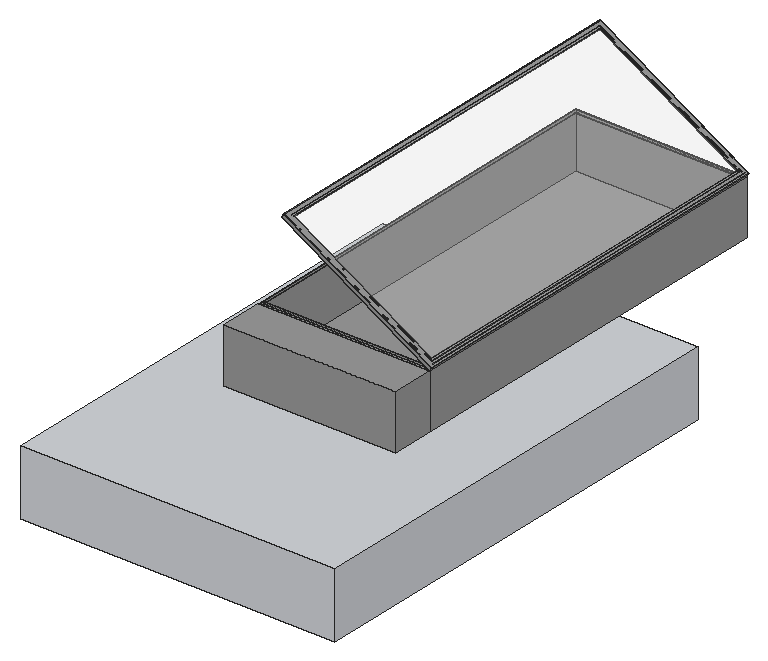
Revit family "Hager-Univers-IP55-D275-H2050-Cl.I-Steel_encl-PL-en", category Equipement électrique, Revit 2020
Family settings
  Hôte = Face
  Configuration du panneau = Deux colonnes, circuits au sein
  Cote de connecteur circulaire = Utiliser le diamètre
  Type d'élément = Tableau de raccordement
  Couper avec des vides une fois chargée = Non
  Partagée = Non
  Point de calcul de pièce = Non
Parameters (values of type "Floor installation IP55 W800 H2050 D275  - FR23K2")
  Width Control [instance] = if([EF000008 - Width] > Min Width, [EF000008 - Width], Min Width)  # 800 mm
  Commentaires du type = [HG000003 - Range]  # "Univers"
  Thickness Door [instance] = if([EF009171 - Material plate thickness door/cover] > 3 mm, 3 mm, [EF009171 - Material plate thickness door/cover])  # 1.5 mm
  Seal Frame Offset [instance] = 17 mm  # constant formula
  Plinth Visibility [instance] = [HG000027 - Plinth height] > 0 mm  # yes
  Model = ""
  Min Width [instance] = 100 mm  # constant formula
  Min Height [instance] = 100 mm  # constant formula
  Min Depth [instance] = (2 * [EF009170 - Material plate thickness cabinet]) + 1 mm  # 4 mm
  Internal Frame Depth [instance] = (Door System Depth * 0.5)  # 9 mm
  Height Control [instance] = if([EF000040 - Height] > Min Height, [EF000040 - Height], Min Height)  # 2050 mm
  HG000027 - Plinth height = 200 mm
  HG000026 - Floor standing = yes
  HG000024 - Bottom section height = 800 mm
  HG000023 - Double section enclosure = no
  HG000016 - Door 3d visibility [instance] = yes
  HG000015 - Clearance visibility [instance] = no
  HG000014 - Door on the right [instance] = yes
  HG000013 - Door on the left [instance] = not([HG000014 - Door on the right])  # no
  HG000012 - Door swing angle [instance] = 30.00°
  HG000010 - Asymmetric doors = no
  HG000009 - Double swing door = no
  HG000006 - Flush mounted = no
  HG000004 - Manufacturer reference = "FR23K2"
  HG000003 - Range = "Univers"
  HG000002 - With door or cover = yes
  Frame Offset Bottom [instance] = 10 mm  # constant formula
  Frame Offset [instance] = 15 mm  # constant formula
  EF015940 - Cover with overpressure release = no
  EF011959 - Degree of protection (NEMA) = ""
  EF009554 - Number of openings for flange plates = 6
  EF009212 - Cover model = "EV000116 - Closed"
  EF009171 - Material plate thickness door/cover = 1.5 mm
  EF009170 - Material plate thickness cabinet = 1.5 mm
  Fabricant = "Hager"  # constant formula
  EF008873 - Nominal current (In) = 800 A
  EF007800 - Suitable for lightning protection = no
  EF006306 - With lock = no
  EF006244 - Transparent cover/door = yes
  EF005474 - Degree of protection (IP) = "EV006420 - IP55"
  EF004464 - Type of door = "EV002646 - Single"
  EF004427 - Number of modules = 432
  EF004293 - Impact strength = "EV008784 - IK10"
  EF003532 - Suitable for outdoor use = no
  EF002950 - Width in number of modular spacings = 24
  EF001613 - Circuit integrity = "EV000494 - None"
  EF001596 - Material housing = "EV000179 - Steel"
  EF001131 - Internal depth = 275 mm
  EF001088 - Extension possible = yes
  EF000437 - Number of conduit inlets = 6
  EF000339 - Type of cover = "EV004216 - Door"
  EF000266 - Number of rows = 12
  EF000218 - Built-in depth = 0 mm
  EF000118 - With mounting plate = no
  EF000116 - RAL-number = "7035"
  EF000049 - Depth = 275 mm
  EF000040 - Height = 2050 mm
  EF000008 - Width = 800 mm
  EF000007 - Colour = "EV000270 - Grey"
  EF000003 - Mounting method = "EV012274 - Floor installation"
  Door System Leaf Tolerance [instance] = 1.5 mm  # constant formula
  Door System Depth [instance] = 18 mm  # constant formula
  Door Height [instance] = Height Control - [HG000027 - Plinth height]  # 1850 mm
  Depth Control [instance] = if([EF000049 - Depth] > Min Depth, [EF000049 - Depth], Min Depth)  # 275 mm
  Default Elevation = 0 mm
  Connector Offset [instance] = Height Control / 2  # 1025 mm
  Bottom Top Plate Trim [instance] = 1.5 mm  # constant formula
  Plinth height Ctrl [instance] = if([HG000027 - Plinth height] > 0 mm, [HG000027 - Plinth height], 12 mm)  # 200 mm
Types (11, lengths in mm): name | Width Control | HG000010 - Asymmetric doors | HG000009 - Double swing door | HG000004 - Manufacturer reference | EF009554 - Number of openings for flange plates | EF006244 - Transparent cover/door | EF004464 - Type of door | EF004427 - Number of modules | EF000437 - Number of conduit inlets | EF000008 - Width
  Floor installation IP55 W1050 H2050 D275  - FR24E2 | 1050 | yes | yes | "FR24E2" | 8 | no | "EV003602 - Double" | 576 | 8 | 1050
  Floor installation IP55 W1050 H2050 D275  - FR24K2 | 1050 | yes | yes | "FR24K2" | 8 | yes | "EV003602 - Double" | 576 | 8 | 1050
  Floor installation IP55 W1300 H2050 D275  - FR25E2 | 1300 | yes | yes | "FR25E2" | 10 | no | "EV003602 - Double" | 720 | 10 | 1300
  Floor installation IP55 W1300 H2050 D275  - FR25K2 | 1300 | yes | yes | "FR25K2" | 10 | yes | "EV003602 - Double" | 720 | 10 | 1300
  Floor installation IP55 W1550 H2050 D275  - FR26E2 | 1550 | yes | yes | "FR26E2" | 12 | no | "EV003602 - Double" | 864 | 12 | 1550
  Floor installation IP55 W1550 H2050 D275  - FR26K2 | 1550 | yes | yes | "FR26K2" | 12 | yes | "EV003602 - Double" | 864 | 12 | 1550
  Floor installation IP55 W300 H2050 D275  - FR21E2 | 300 | no | no | "FR21E2" | 2 | no | "EV002646 - Single" | 144 | 2 | 300
  Floor installation IP55 W550 H2050 D275  - FR22E2 | 550 | no | no | "FR22E2" | 4 | no | "EV002646 - Single" | 288 | 4 | 550
  Floor installation IP55 W550 H2050 D275  - FR22K2 | 550 | no | no | "FR22K2" | 4 | yes | "EV002646 - Single" | 288 | 4 | 550
  Floor installation IP55 W800 H2050 D275  - FR23E2 | 800 | no | no | "FR23E2" | 6 | no | "EV002646 - Single" | 432 | 6 | 800
  Floor installation IP55 W800 H2050 D275  - FR23K2 | 800 | no | no | "FR23K2" | 6 | yes | "EV002646 - Single" | 432 | 6 | 800
Reference planes
  plane 1 "Center (Front/Back)": y = 0
  plane 2: z = 0
  plane 3 "Center (Left/Right)": x = 0
  plane 4: z = 275
  plane 5: y = 201.5
  plane 6: y = 1125
  plane 7: y = 200
  plane 8: y = 2050
  plane 9: z = 0
  plane 10: x = -385
  plane 11: x = 385
  plane 12: x = 383.5
  plane 13: x = -383.5
  plane 14: y = 2048.5
  plane 15: x = -383
  plane 16: x = -400
  plane 17: x = 383
  plane 18: x = 400
  plane 19: x = 398.5
  plane 20: x = -398.5
  plane 21: y = 211.5
  plane 22: y = 2050
  plane 23: y = 2033.5
  plane 24: z = 257
  plane 25: z = 1.5
  plane 26: z = 255.5
  plane 27: z = 273.5
Forms (mm)
  Extrusion 1, solid
    sketch origin (0, 0, 0) x (1, 0, 0) y (0, 1, 0)
      loop
        line (-702.964, 1305) -> (-702.964, -811.445) -> (766.763, -811.445) -> (766.763, 1305) -> (-702.964, 1305)
    from 0 to -304.8
  Extrusion 2, solid, material "Hager_Steel_RAL7035_Light_Grey", visible <- "Plinth Visibility", detail levels medium+fine
    sketch origin (0, 0, 0) x (1, 0, 0) y (0, 1, 0)
      loop
        line (-400, 0) -> (400, 0) -> (400, 200) -> (-400, 200) -> (-400, 0)
    from 0 to 257
  Extrusion 3, solid, material "Hager_Steel_RAL7035_Light_Grey", detail levels medium+fine
    sketch origin (0, 0, 0) x (1, 0, 0) y (0, 1, 0)
      loop
        line (-400, 200) -> (400, 200) -> (400, 2050) -> (-400, 2050) -> (-400, 200)
    from 0 to 257
  Extrusion 4, void
    sketch origin (0, 0, 0) x (1, 0, 0) y (0, 1, 0)
      loop
        line (-398.5, 201.5) -> (398.5, 201.5) -> (398.5, 2048.5) -> (-398.5, 2048.5) -> (-398.5, 201.5)
    from 1.5 to 255.5
  Extrusion 5, void
    sketch origin (-381.607, -4572, 257) x (0, -1, 0) y (-1, 0, 0)
      loop
        line (-4783.5, 1.893) -> (-6605.5, 1.893) -> (-6605.5, -765.107) -> (-4783.5, -765.107) -> (-4783.5, 1.893)
    from 0 to 1.5 <- "EF009170 - Material plate thickness cabinet"
  Extrusion 6, solid, material "Hager_Steel_RAL7035_Light_Grey", detail levels fine
    sketch origin (0, 0, 257) x (1, 0, 0) y (0, 1, 0)
      loop
        line (-383.5, 2033.5) -> (-383.5, 211.5) -> (383.5, 211.5) -> (383.5, 2033.5) -> (-383.5, 2033.5)
      loop
        line (-385, 210) -> (385, 210) -> (385, 2035) -> (-385, 2035) -> (-385, 210)
    from 0 to 9 <- "Internal Frame Depth"
  Extrusion 7, solid, material "Hager_Steel_RAL7035_Light_Grey", detail levels coarse
    sketch origin (0, 0, 0) x (1, 0, 0) y (0, 1, 0)
      loop
        line (-400, 0) -> (400, 0) -> (400, 2050) -> (-400, 2050) -> (-400, 0)
    from 0 to 275
  Sweep 8, void
    path in 3D
      loop
        line (-400, 200, 0) -> (400, 200, 0) -> (400, 200, 257) -> (-400, 200, 257) -> (-400, 200, 0)
    profile origin (-400, 200, 128.5) x (-1, 0, 0) y (0, -1, 0)
      loop
        line (0, 0) -> (0, 1.5) -> (-1.5, 1.5)
        arc (-1.5, 1.5) -> (-1.061, 0.439) -> (0, 0) r 1.5
Cuts and joins
  Extrusion 4, Extrusion 5 cuts Extrusion 3
  Sweep 8 cuts Extrusion 2
Lines and regions (mm)
  Masking region 1
    outline origin (0, 0, 0) x (1, 0, 0) y (0, 0, 1)
      loop
        line (-400, 275) -> (-400, 0) -> (400, 0) -> (400, 275) -> (-400, 275)
  Masking region 2, detail levels medium+fine
    outline origin (0, 140, 0) x (0, 1, 0) y (0, 0, 1)
      loop
        line (60, 0) -> (1910, 0) -> (1910, 257) -> (60, 257) -> (60, 0)
  Masking region 3, not visible, detail levels medium+fine
    outline origin (0, 297.922, 0) x (0, 1, 0) y (0, 0, 1)
      loop
        line (838.578, 0) -> (878.578, 0) -> (878.578, 263.5)
        arc (878.578, 263.5) -> (875.649, 270.571) -> (868.578, 273.5) r 10
        line (868.578, 273.5) -> (838.578, 273.5) -> (838.578, 0)
  Masking region 4, detail levels coarse
    outline origin (0, 0, 180) x (0, 1, 0) y (0, 0, 1)
      loop
        line (0, -180) -> (2050, -180) -> (2050, 95) -> (0, 95) -> (0, -180)
  Masking region 5, visible <- "Plinth Visibility", detail levels medium+fine
    outline origin (0, 52.24, 12.345) x (0, 0, -1) y (0, 1, 0)
      loop
        line (10.845, 147.76) -> (-243.155, 147.76)
        arc (-243.155, 147.76) -> (-243.594, 146.699) -> (-244.655, 146.26) r 1.5
        line (-244.655, 146.26) -> (-244.655, -52.24) -> (12.345, -52.24) -> (12.345, 146.26)
        arc (12.345, 146.26) -> (11.285, 146.699) -> (10.845, 147.76) r 1.5
  Masking region 6, detail levels medium+fine
    outline origin (-381.607, -4572, 257) x (-1, 0, 0) y (0, -1, 0)
      loop
        line (18.393, -6622) -> (18.393, -4772) -> (-781.607, -4772) -> (-781.607, -6622) -> (18.393, -6622)
  Masking region 7, visible <- "Plinth Visibility", detail levels medium+fine
    outline origin (-381.607, -4727, 257) x (-1, 0, 0) y (0, -1, 0)
      loop
        arc (16.893, -4927) -> (17.332, -4925.939) -> (18.393, -4925.5) r 1.5
        line (18.393, -4925.5) -> (18.393, -4727) -> (-781.607, -4727) -> (-781.607, -4925.5)
        arc (-781.607, -4925.5) -> (-780.546, -4925.939) -> (-780.107, -4927) r 1.5
        line (-780.107, -4927) -> (16.893, -4927)
  Masking region 8, detail levels coarse
    outline origin (-442.548, -4669.526, 257) x (-1, 0, 0) y (0, -1, 0)
      loop
        line (-42.548, -6719.526) -> (-42.548, -4669.526) -> (-842.548, -4669.526) -> (-842.548, -6719.526) -> (-42.548, -6719.526)
  sketch lines
    curve 1: line (-400, 200, 257) -> (-400, 200, 0)
    curve 2: line (400, 200, 257) -> (-400, 200, 257)
    curve 3: line (400, 200, 257) -> (400, 200, 0)
    curve 4: line (-400, 200, 0) -> (400, 200, 0)
Dimensions and locks
  "Depth Control": plane 4 to Extrusion 1
  "HG000027 - Plinth height": plane 1 "Center (Front/Back)" to plane 7
  "EF009170 - Material plate thickness cabinet": plane 5 to plane 7
  locked: connector elem to plane 3 "Center (Left/Right)"
  equal spacing: plane 8, plane 6, plane 7
  locked: connector elem to plane 6
  "EF009170 - Material plate thickness cabinet": plane 8 to plane 14
  "EF009170 - Material plate thickness cabinet": plane 10 to plane 13
  "EF009170 - Material plate thickness cabinet": plane 12 to plane 11
  "Frame Offset": plane 20 to plane 13
  "Frame Offset": plane 12 to plane 19
  "EF009170 - Material plate thickness cabinet": plane 16 to plane 20
  "EF009170 - Material plate thickness cabinet": plane 19 to plane 18
  "Seal Frame Offset": plane 16 to plane 15
  "Seal Frame Offset": plane 17 to plane 18
  "Frame Offset Bottom": plane 21 to plane 5
  "Frame Offset": plane 14 to plane 23
  equal spacing: plane 16, plane 3 "Center (Left/Right)", plane 18
  "Width Control": plane 16 to plane 18
  "EF009170 - Material plate thickness cabinet": plane 4 to plane 27
  "EF009170 - Material plate thickness cabinet": plane 24 to plane 26
  "EF009170 - Material plate thickness cabinet": plane 25 to level
  "Door System Depth": plane 4 to plane 24
  "Height Control": plane 1 "Center (Front/Back)" to Extrusion 7 sketch curve
  "Height Control": Masking region 4 sketch curve to plane 1 "Center (Front/Back)"
  "Height Control": plane 1 "Center (Front/Back)" to plane 22
  "Bottom Top Plate Trim": profile plane to Sweep 8 sketch curve
  "Bottom Top Plate Trim": Sweep 8 sketch curve to profile plane
  "Plinth height Ctrl": plane 1 "Center (Front/Back)" to Extrusion 2 sketch curve
  "Plinth height Ctrl": Masking region 5 sketch curve to plane 1 "Center (Front/Back)"
  "Plinth height Ctrl": plane 1 "Center (Front/Back)" to Masking region 7 sketch curve
  "Thickness Door": Extrusion 6 sketch curve to Extrusion 6 sketch curve  (x3)
  "Thickness Door": cut or joined group of Extrusion 3, Extrusion 4, Extrusion 5 to Extrusion 6 sketch curve
  radius of Masking region 3 sketch curve = 10 mm
  "Bottom Top Plate Trim": radius of Masking region 5 sketch curve  (x2)
  "Bottom Top Plate Trim": radius of Sweep 8 sketch curve
  "Bottom Top Plate Trim": radius of Masking region 7 sketch curve  (x2)
  aligned and locked: plane 2 to Extrusion 1
  aligned and locked: level to Extrusion 1
  aligned and locked: level to Masking region 1 sketch curve
  aligned and locked: Masking region 1 sketch curve to plane 18
  aligned and locked: Masking region 1 sketch curve to plane 16
  aligned and locked: plane 7 to Masking region 2 sketch curve
  aligned and locked: level to Masking region 3 sketch curve
  aligned and locked: Masking region 3 sketch curve to plane 27
  aligned and locked: level to Masking region 2 sketch curve
  aligned and locked: plane 1 "Center (Front/Back)" to Extrusion 2 sketch curve
  aligned and locked: Extrusion 3 sketch curve to plane 7
  aligned and locked: plane 16 to Extrusion 3 sketch curve
  aligned and locked: plane 18 to Extrusion 3 sketch curve
  aligned and locked: plane 20 to Extrusion 4 sketch curve
  aligned and locked: plane 19 to Extrusion 4 sketch curve
  aligned and locked: Extrusion 4 sketch curve to plane 5
  aligned and locked: Extrusion 4 to plane 25
  aligned and locked: plane 26 to Extrusion 4
  aligned and locked: plane 24 to Extrusion 3
  aligned and locked: Extrusion 5 sketch curve to plane 21
  aligned and locked: Extrusion 5 sketch curve to plane 13
  aligned and locked: Extrusion 5 sketch curve to plane 12
  aligned and locked: plane 18 to Extrusion 7 sketch curve
  aligned and locked: plane 1 "Center (Front/Back)" to Extrusion 7 sketch curve
  aligned and locked: plane 16 to Extrusion 7 sketch curve
  aligned and locked: plane 4 to Extrusion 7
  aligned and locked: Extrusion 7 to level
  aligned and locked: level to Masking region 4 sketch curve
  aligned and locked: Masking region 4 sketch curve to plane 1 "Center (Front/Back)"
  aligned and locked: Masking region 4 sketch curve to plane 4
  aligned and locked: nested 1 to level
  aligned and locked: nested 1 to plane 16
  aligned and locked: plane 8 to Extrusion 3 sketch curve
  aligned and locked: plane 23 to Extrusion 5 sketch curve
  aligned and locked: plane 14 to Extrusion 4 sketch curve
  aligned and locked: Masking region 2 sketch curve to plane 8
  aligned and locked: level to Masking region 5 sketch curve
  aligned and locked: plane 16 to Extrusion 2 sketch curve
  aligned and locked: plane 18 to Extrusion 2 sketch curve
  aligned and locked: Masking region 5 sketch curve to plane 24
  aligned and locked: Masking region 2 sketch curve to plane 24
  aligned and locked: plane 24 to Extrusion 2
  aligned and locked: profile plane to Sweep 8 sketch curve  (x2)
  aligned and locked: Masking region 6 sketch curve to plane 18
  aligned and locked: Masking region 6 sketch curve to plane 22
  aligned and locked: Masking region 6 sketch curve to plane 16
  aligned and locked: plane 8 to plane 22
  aligned and locked: Masking region 6 sketch curve to plane 7
  aligned and locked: Masking region 7 sketch curve to plane 16
  aligned and locked: Masking region 7 sketch curve to plane 1 "Center (Front/Back)"
  aligned and locked: Masking region 7 sketch curve to plane 18
  aligned and locked: Masking region 8 sketch curve to plane 1 "Center (Front/Back)"
  aligned and locked: Masking region 8 sketch curve to plane 18
  aligned and locked: Masking region 8 sketch curve to plane 22
  aligned and locked: Masking region 8 sketch curve to plane 16
  aligned and locked: nested 2 to plane 7
  aligned and locked: plane 3 "Center (Left/Right)" to nested 2
  aligned and locked: nested 2 to plane 24
  aligned and locked: Extrusion 6 sketch curve to cut or joined group of Extrusion 3, Extrusion 4, Extrusion 5  (x4)
Automatic sketch dimensions
  Extrusion 1 sketch curve to Extrusion 1 sketch curve = 1469.727 mm
  Extrusion 1 sketch curve to Extrusion 1 sketch curve = 2116.445 mm
  Masking region 1 sketch curve to plane 4 = 0 mm
  plane 6 to Masking region 3 sketch curve = 11.5 mm
  Masking region 3 sketch curve to Masking region 3 sketch curve = 30 mm
  Masking region 5 sketch curve to plane 1 "Center (Front/Back)" = 0 mm
Nested families
  nested 1: "Hager_Enclosure_Symbol" at (-400, 0, 0) x (1, 0, 0) z (0, -1, 0), Height <- "Depth Control", Width <- "Width Control", type "Hager_Enclosure_Symbol"
    with Width_Ctrl 800 mm, Width 800 mm, Height_Ctrl 275 mm, Height 275 mm, A_Width_Int 18.047 mm, A_Width 216.562 mm, A_Height_Ctrl 240.625 mm, A_Height 240.625 mm
  nested 2: "EC000058_Univers_Door" at (0, 200, 257) x (1, 0, 0) z (0, 1, 0), Leaf_Tolerance <- "Door System Leaf Tolerance", Angle <- "HG000012 - Door swing angle", Door_Depth <- "Door System Depth", Door_Left <- "HG000013 - Door on the left", Transparent <- "EF006244 - Transparent cover/door", Assymetrical <- "HG000010 - Asymmetric doors", Width <- "Width Control", Clearance <- "HG000015 - Clearance visibility", Double <- "HG000009 - Double swing door", 3d_Door <- "HG000016 - Door 3d visibility", Lock_Visibility <- "EF006306 - With lock", Width_Ctrl <- "Width Control", Door_Right <- "HG000014 - Door on the right", Door <- "HG000002 - With door or cover", Height <- "Door Height", Thickness <- "Thickness Door", type "EC000058_Univers_Door", detail levels medium+fine
    with min_wh 4 mm, Width_Ctrl 800 mm, Width 800 mm, Transparent yes, Thickness 1.5 mm, Seal_Material Hager_Rubber, Lock_Visibility no, Lock_Material Hager_Plastic_RAL9005_Jet_Black, Leaf_Width 800 mm, Leaf_Tolerance_External_Sides 0 mm, Leaf_Tolerance 1.5 mm, Leaf_Offset 0 mm, Leaf_Height 1847 mm, Leaf_2_Width 800 mm, Leaf_2_Offset 400 mm, Leaf_1_Width 800 mm, Leaf_1_Offset 400 mm, Height_Ctrl 1850 mm, Height 1850 mm, Glass_Material Hager_Glass, Double_Clearance_Ctrl no, Double no, Door_Right_Ctrl yes, Door_Right yes, Door_Material Hager_Steel_RAL7035_Light_Grey, Door_Left_Ctrl no, Door_Left no, Door_Depth 18 mm, Door yes, Clearance_Material Hager_Clearance, Clearance_Depth 800 mm, Clearance_Ctrl no, Clearance no, Assymetrical no, Angle 30.00°, 3d_Door yes
Connectors
  electrical at (0, 1125, 0)
    settings: on plane 9, index 1, voltage 0 V, apparent load 0 VA, apparent load phase1 0 VA, apparent load phase2 0 VA, apparent load phase3 0 VA, power factor 1, load classification "Other", number of poles 1, system type 30, power factor state 1, is connector primary yes, connector utility no, sub classification motor no, connector description ""
Definition of nested family "EC000058_Univers_Door"
  Parameters (values of type "EC000058_Univers_Door")
    min_wh [instance] = (2 * Thickness) + 1 mm  # 11 mm
    Width_Ctrl [instance] = 400 mm
    Width [instance] = 500 mm
    Transparent [instance] = yes
    Thickness [instance] = 5 mm
    Seal_Material [instance] = none
    Lock_Visibility [instance] = yes
    Lock_Material [instance] = none
    Leaf_Width [instance] = if((Width_Ctrl - 2 * Leaf_Tolerance_External_Sides) > 0 mm, (Width_Ctrl - 2 * Leaf_Tolerance_External_Sides), min_wh)  # 400 mm
    Leaf_Tolerance_External_Sides [instance] = 0 mm  # constant formula
    Leaf_Tolerance [instance] = 1.5 mm
    Leaf_Offset [instance] = 0 mm  # constant formula
    Leaf_Height [instance] = if((Height_Ctrl - 2 * Leaf_Tolerance) > 0 mm, (Height_Ctrl - 2 * Leaf_Tolerance), min_wh)  # 497 mm
    Leaf_2_Width [instance] = if(and(and(Double, Assymetrical), Door_Left), (Leaf_Width / 3) - (Leaf_Tolerance / 2), if(and(and(Double, Assymetrical), Door_Right), (Leaf_Width / 3) * 2 - (Leaf_Tolerance / 2), if(and(Double, not(Assymetrical)), (Leaf_Width / 2) - Leaf_Tolerance, Leaf_Width)))  # 400 mm
    Leaf_2_Offset [instance] = if(and(Double, Assymetrical), Leaf_2_Width / 2, if(and(Double, not(Assymetrical)), Leaf_Width / 4, Leaf_Width / 2))  # 200 mm
    Leaf_1_Width [instance] = if(and(and(Double, Assymetrical), Door_Right), (Leaf_Width / 3) - (Leaf_Tolerance / 2), if(and(and(Double, Assymetrical), Door_Left), (Width / 3) * 2 - (Leaf_Tolerance / 2), if(and(Double, not(Assymetrical)), (Leaf_Width / 2) - Leaf_Tolerance, Leaf_Width)))  # 400 mm
    Leaf_1_Offset [instance] = if(and(Double, Assymetrical), Leaf_1_Width / 2, if(and(Double, not(Assymetrical)), Leaf_Width / 4, Leaf_Width / 2))  # 200 mm
    Height_Ctrl [instance] = if(Height > min_wh, Height, min_wh)  # 500 mm
    Height [instance] = 500 mm
    Glass_Material [instance] = none
    Double_Clearance_Ctrl [instance] = and(Double, Clearance)  # no
    Double [instance] = no
    Door_Right_Ctrl [instance] = and(or(Door_Right, Double), Door)  # yes
    Door_Right [instance] = yes
    Door_Material [instance] = none
    Door_Left_Ctrl [instance] = and(or(Door_Left, Double), Door)  # no
    Door_Left [instance] = no
    Door_Depth [instance] = 30 mm
    Door [instance] = yes
    Default Elevation = 1219.2 mm
    Clearance_Material [instance] = none
    Clearance_Depth [instance] = if(Leaf_1_Width > Leaf_2_Width, Leaf_1_Width, Leaf_2_Width)  # 400 mm
    Clearance_Ctrl [instance] = and(not(Double), Clearance)  # yes
    Clearance [instance] = yes
    Assymetrical [instance] = yes
    Angle [instance] = 30.00°
    3d_Door [instance] = yes
  Reference planes
    plane 1 "Center (Front/Back)": y = 0
    plane 2 "Bottom": z = 0
    plane 3 "Center (Left/Right)": x = 0
    plane 4: z = 500
    plane 5: x = -200
    plane 6: x = 200
    plane 7: z = 500
    plane 8: x = -200
    plane 9: z = 0
    plane 10: x = 200
    plane 11: y = 0
    plane 12: z = 1.5
    plane 13: x = -600
    plane 14: y = -400
    plane 15: x = 600
    plane 16: x = 0
    plane 17: x = 0
    plane 18: x = -200
    plane 19: x = 200
    plane 20: z = 498.5
  Forms (mm)
    Extrusion 1, solid, material <- "Clearance_Material", visible <- "Double_Clearance_Ctrl"
      sketch origin (1200, 0, 0) x (1, 0, 0) y (0, 0, -1)
        loop
          line (-1800, -498.5) -> (-600, -498.5) -> (-600, 0) -> (-1800, 0) -> (-1800, -498.5)
      from 0 to -400
  Dimensions and locks
    equal spacing: plane 5, plane 3 "Center (Left/Right)", plane 6
    "Width_Ctrl": plane 5 to plane 6
    "Leaf_Offset": plane 5 to plane 8
    "Leaf_Offset": plane 6 to plane 10
    "Leaf_Offset": plane 9 to level
    "Leaf_Offset": plane 4 to plane 7
    "Height_Ctrl": plane 4 to level
    "Leaf_Tolerance": plane 12 to plane 9
    locked: plane 11 to plane 1 "Center (Front/Back)"
    "Leaf_1_Offset": plane 18 to plane 16
    "Leaf_2_Offset": plane 17 to plane 19
    "Leaf_1_Width": plane 13 to plane 8
    "Leaf_2_Width": plane 10 to plane 15
    "Clearance_Depth": plane 14 to plane 1 "Center (Front/Back)"
    "Leaf_Tolerance_External_Sides": plane 8 to plane 18
    "Leaf_Tolerance_External_Sides": plane 19 to plane 10
    "Leaf_Tolerance": plane 7 to plane 20
    aligned and locked: level to plane 2 "Bottom"
    aligned and locked: nested 1 to plane 16
    aligned and locked: nested 2 to plane 17
    aligned and locked: Extrusion 1 to plane 13
    aligned and locked: plane 15 to Extrusion 1
    aligned and locked: Extrusion 1 to plane 14
    aligned and locked: plane 12 to nested 1
    aligned and locked: nested 2 to plane 12
    aligned and locked: Extrusion 1 to plane 11
    aligned and locked: plane 20 to Extrusion 1
    aligned and locked: nested 2 to plane 11
    aligned and locked: nested 1 to plane 11
  Automatic sketch dimensions
    Extrusion 1 sketch curve to level = 0 mm
    plane 5 to Extrusion 1 sketch curve = 400 mm
    plane 6 to Extrusion 1 sketch curve = 400 mm
    Extrusion 1 sketch curve to plane 4 = 1.5 mm
  Nested families
    nested 1: "EC000058_Univers_Door_Leaf" at (0, 0, 1.5), Width <- "Leaf_1_Width", visible <- "Door_Left_Ctrl", Leaf_Height <- "Leaf_Height", Angle <- "Angle", 3d_Door <- "3d_Door", Transparent <- "Transparent", Clearance Material <- "Clearance_Material", Clearance <- "Clearance_Ctrl", Door_Material <- "Door_Material", Glass_Material <- "Glass_Material", Door_Depth <- "Door_Depth", Lock_Material <- "Lock_Material", Seal_Material <- "Seal_Material", Lock_Visibility <- "Lock_Visibility", Thickness <- "Thickness", type "EC000058_Univers_Door_Leaf"
      with Width 400 mm, Transparent_Glass_Offset 30 mm, Transparent_Ctrl yes, Transparent yes, Thickness 5 mm, Standard no, Seal_Material none, Seal_D2 8 mm, Seal_D1 1 mm, Offset_Internal_Frame 10 mm, Lock_Width 20 mm, Lock_Visibility_3d yes, Lock_Visibility yes, Lock_Thickness_3 3 mm, Lock_Thickness_2 1 mm, Lock_Thickness_1 3 mm, Lock_Radius_Offset_2 16 mm, Lock_Radius_Offset_1 15 mm, Lock_Radius_2 5 mm, Lock_Radius 6 mm, Lock_Offset 5 mm, Lock_Material none, Lock_Height 80 mm, Lock_Cover_Top_Offset_2d 17 mm, Lock_Cover_Height -65 mm, Leaf_Height 497 mm, Internal_Seal_Thickness 8 mm, Internal_Seal_Depth_2 4.5 mm, Internal_Frame_Depth 25 mm, Glass_Thickness -1 mm, Glass_Offset -2 mm, Glass_Material none, Door_Material none, Door_Depth 30 mm, Clearance Material none, Clearance yes, Angle_Ctrl 30.00°, Angle 30.00°, 3d_Door yes
    nested 2: "EC000058_Univers_Door_Leaf" at (0, 0, 1.5) x (-1, 0, 0) z (0, 0, 1), Width <- "Leaf_2_Width", visible <- "Door_Right_Ctrl", Leaf_Height <- "Leaf_Height", Angle <- "Angle", 3d_Door <- "3d_Door", Transparent <- "Transparent", Clearance Material <- "Clearance_Material", Clearance <- "Clearance_Ctrl", Door_Material <- "Door_Material", Glass_Material <- "Glass_Material", Door_Depth <- "Door_Depth", Lock_Material <- "Lock_Material", Seal_Material <- "Seal_Material", Lock_Visibility <- "Lock_Visibility", Thickness <- "Thickness", type "EC000058_Univers_Door_Leaf"
      with Width 400 mm, Transparent_Glass_Offset 30 mm, Transparent_Ctrl yes, Transparent yes, Thickness 5 mm, Standard no, Seal_Material none, Seal_D2 8 mm, Seal_D1 1 mm, Offset_Internal_Frame 10 mm, Lock_Width 20 mm, Lock_Visibility_3d yes, Lock_Visibility yes, Lock_Thickness_3 3 mm, Lock_Thickness_2 1 mm, Lock_Thickness_1 3 mm, Lock_Radius_Offset_2 16 mm, Lock_Radius_Offset_1 15 mm, Lock_Radius_2 5 mm, Lock_Radius 6 mm, Lock_Offset 5 mm, Lock_Material none, Lock_Height 80 mm, Lock_Cover_Top_Offset_2d 17 mm, Lock_Cover_Height -65 mm, Leaf_Height 497 mm, Internal_Seal_Thickness 8 mm, Internal_Seal_Depth_2 4.5 mm, Internal_Frame_Depth 25 mm, Glass_Thickness -1 mm, Glass_Offset -2 mm, Glass_Material none, Door_Material none, Door_Depth 30 mm, Clearance Material none, Clearance yes, Angle_Ctrl 30.00°, Angle 30.00°, 3d_Door yes
  Definition of nested family "EC000058_Univers_Door_Leaf"
    Parameters (values of type "EC000058_Univers_Door_Leaf")
      Width [instance] = 2000 mm
      Transparent_Glass_Offset [instance] = 30 mm
      Transparent_Ctrl [instance] = and(Transparent, [3d_Door])  # yes
      Transparent [instance] = yes
      Thickness [instance] = 5 mm
      Standard [instance] = and(not(Transparent), [3d_Door])  # no
      Seal_Material [instance] = none
      Seal_D2 [instance] = 8 mm  # constant formula
      Seal_D1 [instance] = 1 mm  # constant formula
      Offset_Internal_Frame [instance] = 10 mm  # constant formula
      Lock_Width [instance] = 20 mm  # constant formula
      Lock_Visibility_3d [instance] = and(Lock_Visibility, [3d_Door])  # yes
      Lock_Visibility [instance] = yes
      Lock_Thickness_3 [instance] = 3 mm  # constant formula
      Lock_Thickness_2 [instance] = 1 mm  # constant formula
      Lock_Thickness_1 [instance] = 3 mm  # constant formula
      Lock_Radius_Offset_2 [instance] = Lock_Radius_Offset_1 + 1 mm  # 16 mm
      Lock_Radius_Offset_1 [instance] = 15 mm  # constant formula
      Lock_Radius_2 [instance] = Lock_Radius - 1 mm  # 5 mm
      Lock_Radius [instance] = 6 mm  # constant formula
      Lock_Offset [instance] = 5 mm  # constant formula
      Lock_Material [instance] = none
      Lock_Height [instance] = 80 mm  # constant formula
      Lock_Cover_Top_Offset_2d [instance] = Lock_Radius_Offset_2 + 1 mm  # 17 mm
      Lock_Cover_Height [instance] = -(Lock_Height - Lock_Radius_Offset_1)  # -65 mm
      Leaf_Height [instance] = 2720.336 mm
      Internal_Seal_Thickness [instance] = 8 mm  # constant formula
      Internal_Seal_Depth_2 [instance] = 4.5 mm  # constant formula
      Internal_Frame_Depth [instance] = if(Door_Depth - Thickness > 5 mm, Door_Depth - Thickness, 5 mm)  # 25 mm
      Glass_Thickness [instance] = if(Thickness > 15 mm, Glass_Offset + 10 mm, -1 mm)  # -1 mm
      Glass_Offset [instance] = if(Thickness > 15 mm, -(Thickness + 10 mm) / 2, -2 mm)  # -2 mm
      Glass_Material [instance] = none
      Door_Material [instance] = none
      Door_Depth [instance] = 30 mm
      Default Elevation = 0 mm
      Clearance Material [instance] = none
      Clearance [instance] = yes
      Angle_Ctrl [instance] = if(Angle > 180.00°, 180.00°, Angle)  # 90.00°
      Angle [instance] = 90.00°
      3d_Door [instance] = yes
    Reference planes
      plane 1 "Center (Front/Back)": y = 0
      plane 2: z = 0
      plane 3 "Center (Left/Right)": x = 0
      plane 4: y = 2000
      plane 5: x = -1000
      plane 6: x = 1000
      plane 7: x = -3000
      plane 8: z = 2720.336
      plane 9: z = 30
      plane 10: z = 2690.336
      plane 11: x = 970
      plane 12: x = -970
      plane 13: y = -3
      plane 14: z = 107.833
      plane 15: y = -5
      plane 16: y = -223.314
      plane 17: x = -1000
      plane 18: z = 1360.168
      plane 19: y = 30
    Forms (mm)
      Extrusion 1, solid, material <- "Clearance Material", visible <- "Clearance"
        sketch origin (0, 0, 0) x (1, 0, 0) y (0, 0, 1)
          loop
            line (-3000, 2720.336) -> (-3000, 0) -> (1000, 0) -> (1000, 2720.336) -> (-3000, 2720.336)
        from 0 to -2000
      Extrusion 2, solid, material <- "Door_Material", visible <- "Standard", detail levels medium+fine
        sketch origin (-1000, 0, 0) x (0, 1, 0) y (-1, 0, 0)
          loop
            line (0, 30) -> (0, 25) -> (2000, 25) -> (2000, 30) -> (0, 30)
        from 0 to 2720.336 <- "Leaf_Height"
      Extrusion 3, solid, material <- "Door_Material", visible <- "Transparent_Ctrl", detail levels medium+fine
        sketch origin (-1000, 0, 0) x (0, 1, 0) y (-1, 0, 0)
          loop
            line (0, 25) -> (2000, 25) -> (2000, 30) -> (0, 30) -> (0, 25)
        from 0 to 2720.336 <- "Leaf_Height"
      Extrusion 4, void
        sketch origin (-1025, 2000, 0) x (0, 1, 0) y (0, 0, -1)
          loop
            line (-30, -2690.336) -> (-30, -30) -> (-1970, -30) -> (-1970, -2690.336) -> (-30, -2690.336)
        from 0 to 5 <- "Thickness"
      Sweep 5, solid, material <- "Seal_Material", visible <- "Transparent_Ctrl", detail levels fine
        path in 3D
          loop
            line (-1025, 30, 30) -> (-1025, 30, 2690.336) -> (-1025, 1970, 2690.336) -> (-1025, 1970, 30) -> (-1025, 30, 30)
        profile origin (-1025, 1000, 30) x (1, 0, 0) y (0, 0, 1)
          loop
            line (0, 0) -> (0, -8) -> (1, -8) -> (1, 0) -> (0, 0)
      Extrusion 6, solid, material <- "Glass_Material", visible <- "Transparent_Ctrl", detail levels medium+fine
        sketch origin (-1030, 0, 0) x (0, 1, 0) y (0, 0, -1)
          loop
            line (1970, -2690.336) -> (1970, -30) -> (30, -30) -> (30, -2690.336) -> (1970, -2690.336)
        from -2 <- "Glass_Offset" to -1 <- "Glass_Thickness"
      Extrusion 7, solid, material <- "Door_Material", visible <- "3d_Door", detail levels medium+fine
        sketch origin (-1025, 2000, 0) x (0, -1, 0) y (0, 0, -1)
          loop
            line (0, -2720.336) -> (2000, -2720.336) -> (2000, 0) -> (0, 0) -> (0, -2720.336)
          loop
            line (1995, -5) -> (5, -5) -> (5, -2715.336) -> (1995, -2715.336) -> (1995, -5)
        from 0 to 25 <- "Internal_Frame_Depth"
      Sweep 8, solid, material <- "Seal_Material", visible <- "Transparent_Ctrl", detail levels fine
        path in 3D
          loop
            line (-1025, 0, 0) -> (-1025, 2000, 0) -> (-1025, 2000, 2720.336) -> (-1025, 0, 2720.336) -> (-1025, 0, 0)
        profile origin (-1025, 0, 1360.168) x (1, 0, 0) y (0, 1, 0)
          loop
            line (0, 10) -> (2.975, 10)
            arc (2.975, 10) -> (4.053, 10.447) -> (4.5, 11.525) r 1.525
            line (4.5, 11.525) -> (4.5, 16.527)
            arc (4.5, 16.527) -> (4.069, 17.569) -> (3.027, 18) r 1.473
            line (3.027, 18) -> (0, 18) -> (0, 10)
      Extrusion 9, solid, material <- "Lock_Material", visible <- "Lock_Visibility_3d", detail levels fine
        sketch origin (-1030, 0, 0) x (0, 1, 0) y (0, 0, -1)
          loop
            arc (1993.5, -1400.168) -> (1994.561, -1399.729) -> (1995, -1398.668) r 1.5
            line (1995, -1398.668) -> (1995, -1320.168) -> (1975, -1320.168) -> (1975, -1398.668)
            arc (1975, -1398.668) -> (1975.439, -1399.729) -> (1976.5, -1400.168) r 1.5
            line (1976.5, -1400.168) -> (1993.5, -1400.168)
        from 3 <- "Lock_Thickness_1" to 0
      Blend 10, solid, material <- "Lock_Material", visible <- "Lock_Visibility_3d", detail levels fine
        base sketch origin (-1033, 0, 0) x (0, 1, 0) y (0, 0, -1)
          loop
            line (1975, -1320.168) -> (1975, -1398.668)
            arc (1975, -1398.668) -> (1975.439, -1399.729) -> (1976.5, -1400.168) r 1.5
            line (1976.5, -1400.168) -> (1993.5, -1400.168)
            arc (1993.5, -1400.168) -> (1994.561, -1399.729) -> (1995, -1398.668) r 1.5
            line (1995, -1398.668) -> (1995, -1320.168) -> (1975, -1320.168)
        top sketch origin (-1033, 0, 0) x (0, 1, 0) y (0, 0, -1)
          loop
            line (1976, -1320.168) -> (1976, -1398.668)
            arc (1976, -1398.668) -> (1976.146, -1399.022) -> (1976.5, -1399.168) r 0.5
            line (1976.5, -1399.168) -> (1993.5, -1399.168)
            arc (1993.5, -1399.168) -> (1993.854, -1399.022) -> (1994, -1398.668) r 0.5
            line (1994, -1398.668) -> (1994, -1320.168) -> (1976, -1320.168)
        from 0 to 1 <- "Lock_Thickness_2"
      Blend 11, solid, material <- "Lock_Material", visible <- "Lock_Visibility_3d", detail levels fine
        base sketch origin (-1034, 0, 0) x (0, 1, 0) y (0, 0, -1)
          loop
            line (1978, -1320.168) -> (1978, -1384.168)
            arc (1978, -1384.168) -> (1985, -1391.168) -> (1992, -1384.168) r 7
            line (1992, -1384.168) -> (1992, -1320.168) -> (1978, -1320.168)
        top sketch origin (-1034, 0, 0) x (0, 1, 0) y (0, 0, -1)
          loop
            line (1991, -1320.168) -> (1979, -1320.168) -> (1979, -1383.168)
            arc (1979, -1383.168) -> (1985, -1389.168) -> (1991, -1383.168) r 6
            line (1991, -1383.168) -> (1991, -1320.168)
        from 0 to 3 <- "Lock_Thickness_3"
      Extrusion 12, solid, material <- "Lock_Material", visible <- "Lock_Visibility_3d", detail levels fine
        sketch origin (-1030, 1975, 1320.168) x (1, 0, 0) y (0, -1, 0)
          loop
            line (-7, -19) -> (-7, -1) -> (0, -1) -> (0, 0) -> (-8, 0) -> (-8, -20) -> (0, -20) -> (0, -19) -> (-7, -19)
        from 0 to -65 <- "Lock_Cover_Height"
      Extrusion 13, void
        sketch origin (-1038, 1995, 1320.168) x (-1, 0, 0) y (0, 0, -1)
          loop
            line (-5, -65) -> (0, -65) -> (-5, -60) -> (-5, -65)
        from 0 to 20 <- "Lock_Width"
      Extrusion 14, void
        sketch origin (-1038, 1975, 1320.168) x (0, -1, 0) y (0, 0, -1)
          loop
            circle (-10, -15.995) r 6
          loop
            circle (-10, -15.995) r 5
        from 0 to 2
      Extrusion 15, solid, material <- "Lock_Material", visible <- "Lock_Visibility_3d", detail levels medium
        sketch origin (-1030, 0, 0) x (0, 1, 0) y (0, 0, -1)
          loop
            arc (1993.5, -1400.168) -> (1994.561, -1399.729) -> (1995, -1398.668) r 1.5
            line (1995, -1398.668) -> (1995, -1320.168) -> (1975, -1320.168) -> (1975, -1398.668)
            arc (1975, -1398.668) -> (1975.439, -1399.729) -> (1976.5, -1400.168) r 1.5
            line (1976.5, -1400.168) -> (1993.5, -1400.168)
        from 8 to 0
    Cuts and joins
      Extrusion 4 cuts Extrusion 3
      Extrusion 13, Extrusion 14 cuts Extrusion 9
      Extrusion 14 cuts Blend 11
      Extrusion 13, Extrusion 14 cuts Extrusion 12
      joined: Extrusion 9, Blend 10, Blend 11, Extrusion 12
      Extrusion 14 cuts Extrusion 15
    Lines and regions (mm)
      Masking region 1, visible <- "Lock_Visibility", detail levels fine
        outline origin (0, 0, 0) x (0, 1, 0) y (0, 0, 1)
          loop
            line (30, 1320.168) -> (33, 1320.168) -> (33, 1400.168) -> (30, 1400.168) -> (30, 1320.168)
      Masking region 2, visible <- "Lock_Visibility", detail levels fine
        outline origin (0, 3.143, 0) x (0, 1, 0) y (0, 0, 1)
          loop
            line (29.857, 1354.168) -> (30.857, 1354.168) -> (30.857, 1366.168) -> (29.857, 1366.168) -> (29.857, 1354.168)
      Masking region 3, detail levels medium+fine
        outline origin (0, 0, 0) x (0, 1, 0) y (0, 0, 1)
          loop
            line (0, 0) -> (30, 0) -> (30, 2720.336) -> (0, 2720.336) -> (0, 0)
      Masking region 4, detail levels medium+fine
        outline origin (0, 0, 0) x (1, 0, 0) y (0, 0, 1)
          loop
            line (-1000, 2720.336) -> (-1000, 0) -> (1000, 0) -> (1000, 2720.336) -> (-1000, 2720.336)
      Masking region 5, visible <- "Lock_Visibility", detail levels fine
        outline origin (-47.116, 0, 0) x (1, 0, 0) y (0, 0, 1)
          loop
            arc (1024.616, 1399.168) -> (1023.556, 1398.729) -> (1023.116, 1397.668) r 1.5
            line (1023.116, 1397.668) -> (1023.116, 1320.168) -> (1041.116, 1320.168) -> (1041.116, 1397.668)
            arc (1041.116, 1397.668) -> (1040.677, 1398.729) -> (1039.616, 1399.168) r 1.5
            line (1039.616, 1399.168) -> (1024.616, 1399.168)
      Masking region 6, visible <- "Lock_Visibility", detail levels medium+fine
        outline origin (-25, 0, 0) x (1, 0, 0) y (0, 0, 1)
          loop
            arc (1001.5, 1400.168) -> (1000.439, 1399.729) -> (1000, 1398.668) r 1.5
            line (1000, 1398.668) -> (1000, 1320.168) -> (1020, 1320.168) -> (1020, 1398.668)
            arc (1020, 1398.668) -> (1019.561, 1399.729) -> (1018.5, 1400.168) r 1.5
            line (1018.5, 1400.168) -> (1001.5, 1400.168)
      Masking region 7, visible <- "Lock_Visibility", detail levels fine
        outline origin (-73.735, 0, 0) x (1, 0, 0) y (0, 0, 1)
          loop
            line (1051.735, 1382.168) -> (1065.735, 1382.168) -> (1065.735, 1384.168)
            arc (1065.735, 1384.168) -> (1058.735, 1391.168) -> (1051.735, 1384.168) r 7
            line (1051.735, 1384.168) -> (1051.735, 1382.168)
      Masking region 8, visible <- "Lock_Visibility", detail levels fine
        outline origin (-73.735, 0, 0) x (1, 0, 0) y (0, 0, 1)
          loop
            line (1052.735, 1382.168) -> (1064.735, 1382.168) -> (1064.735, 1383.168)
            arc (1064.735, 1383.168) -> (1058.735, 1389.168) -> (1052.735, 1383.168) r 6
            line (1052.735, 1383.168) -> (1052.735, 1382.168)
      Masking region 9, visible <- "Lock_Visibility", detail levels fine
        outline origin (-25, 0, 0) x (1, 0, 0) y (0, 0, 1)
          loop
            line (1020, 1320.168) -> (1020, 1382.168) -> (1000, 1382.168) -> (1000, 1320.168) -> (1020, 1320.168)
      Masking region 10, detail levels medium+fine
        outline origin (0, 0, 0) x (1, 0, 0) y (0, 0, 1)
          loop
            circle (985, 1335.144) r 6
      Masking region 11, detail levels fine
        outline origin (0, 0, 0) x (1, 0, 0) y (0, 0, 1)
          loop
            circle (985, 1335.144) r 5
      Masking region 12, visible <- "Lock_Visibility", detail levels fine
        outline origin (0, 12.767, 0) x (0, 1, 0) y (0, 0, 1)
          loop
            line (20.233, 1320.168) -> (21.233, 1320.168) -> (21.233, 1399.168) -> (20.233, 1400.168) -> (20.233, 1320.168)
      Masking region 13, visible <- "Lock_Visibility", detail levels fine
        outline origin (0, 13.767, -10) x (0, 1, 0) y (0, 0, 1)
          loop
            line (20.233, 1330.168) -> (23.233, 1330.168) -> (23.233, 1399.168) -> (20.233, 1402.168) -> (20.233, 1330.168)
      Masking region 14, visible <- "Lock_Visibility", detail levels fine
        outline origin (0, 12.767, -10) x (0, 1, 0) y (0, 0, 1)
          loop
            line (20.233, 1330.168) -> (25.233, 1330.168) -> (25.233, 1399.305) -> (20.233, 1394.305) -> (20.233, 1330.168)
      Masking region 15, visible <- "Lock_Visibility", detail levels medium
        outline origin (0, 0, 0) x (0, 1, 0) y (0, 0, 1)
          loop
            line (30, 1320.168) -> (38, 1320.168) -> (38, 1400.168) -> (30, 1400.168) -> (30, 1320.168)
      Masking region 16, visible <- "Lock_Visibility", detail levels fine
        outline origin (-1000, 0, 0) x (0, 1, 0) y (-1, 0, 0)
          loop
            line (1975, 30) -> (1995, 30) -> (1995, 38) -> (1975, 38) -> (1975, 30)
          loop
            line (1979, 37) -> (1976, 37) -> (1976, 34) -> (1978, 34) -> (1979, 37)
          loop
            line (1994, 37) -> (1991, 37) -> (1992, 34) -> (1994, 34) -> (1994, 37)
      Masking region 17, visible <- "Lock_Visibility", detail levels medium
        outline origin (-1000, 0, 0) x (0, 1, 0) y (-1, 0, 0)
          loop
            line (1975, 30) -> (1995, 30) -> (1995, 38) -> (1975, 38) -> (1975, 30)
      symbolic lines
        curve 1: line (1000, 0, 0) -> (-3000, 0, 0)
        curve 2: arc (1000, 0, 0) -> (-1000, 2000, 0) -> (-3000, 0, 0) r 2000
        curve 4: line (-1030, 0, 0) -> (-1030, 2000, 0)
      reference lines
        curve 3: line (-1000, 0, 0) -> (-1000, 2000, 0)
      symbolic lines, detail levels medium+fine
        curve 5: line (-1030, 2000, 0) -> (-1025, 2000, 0)
        curve 7: line (-1025, 0, 0) -> (-1030, 0, 0)
        curve 8: line (-1025, 0, 0) -> (-1000, 0, 0)
        curve 9: line (-1000, 0, 0) -> (-1000, 2000, 0)
        curve 10: line (-1000, 2000, 0) -> (-1025, 2000, 0)
      symbolic lines, detail levels fine
        curve 6: line (-1025, 2000, 0) -> (-1025, 0, 0)
      sketch lines
        curve 11: line (-1025, 0, 2720.336) -> (-1025, 0, 0)
        curve 12: line (-1025, 2000, 0) -> (-1025, 0, 0)
        curve 13: line (-1025, 2000, 2720.336) -> (-1025, 2000, 0)
        curve 14: line (-1025, 0, 2720.336) -> (-1025, 2000, 2720.336)
        curve 15: line (-1025, 1970, 30) -> (-1025, 30, 30)
        curve 16: line (-1025, 30, 30) -> (-1025, 30, 2690.336)
        curve 17: line (-1025, 1970, 2690.336) -> (-1025, 1970, 30)
        curve 18: line (-1025, 30, 2690.336) -> (-1025, 1970, 2690.336)
      symbolic lines, visible <- "Transparent", detail levels medium+fine
        curve 19: line (-970, 0, 2690.336) -> (970, 0, 2690.336)
        curve 20: line (-970, 0, 30) -> (-970, 0, 2690.336)
        curve 21: line (970, 0, 30) -> (-970, 0, 30)
        curve 22: line (970, 0, 2690.336) -> (970, 0, 30)
    Dimensions and locks
      "Width": plane 1 "Center (Front/Back)" to plane 4
      equal spacing: plane 5, plane 3 "Center (Left/Right)", plane 6
      "Width": plane 5 to plane 6
      "Width": plane 7 to plane 5
      "Leaf_Height": plane 8 to level
      "Width": curve 5 to curve 3
      "Width": curve 3 to curve 3
      plane 8 to plane 10 = 30 mm
      plane 9 to level = 30 mm
      plane 12 to plane 5 = 30 mm
      plane 6 to plane 11 = 30 mm
      Extrusion 1 to Extrusion 4 sketch curve = 30 mm
      "Transparent_Glass_Offset": curve 3 to Extrusion 4 sketch curve
      "Transparent_Glass_Offset": Extrusion 4 sketch curve to cut or joined group of Extrusion 3, Extrusion 4  (x2)
      cut or joined group of Extrusion 3, Extrusion 4 to Extrusion 6 sketch curve = 30 mm
      "Transparent_Glass_Offset": cut or joined group of Extrusion 3, Extrusion 4 to Extrusion 4 sketch curve
      "Thickness": curve 6 to curve 4
      "Thickness": Extrusion 7 sketch curve to Extrusion 7 sketch curve  (x4)
      "Door_Depth": curve 4 to curve 3
      "Offset_Internal_Frame": profile plane to Sweep 8 sketch curve
      "Internal_Seal_Thickness": Sweep 8 sketch curve to Sweep 8 sketch curve
      "Internal_Seal_Depth_2": profile plane to Sweep 8 sketch curve
      "Seal_D1": profile plane to Sweep 5 sketch curve
      "Seal_D2": profile plane to Sweep 5 sketch curve
      "Thickness": Extrusion 2 sketch curve to Extrusion 2 sketch curve
      equal spacing: Extrusion 9 sketch curve, plane 18, Extrusion 9 sketch curve  (x2)
      equal spacing: Masking region 1 sketch curve, plane 18, Masking region 1 sketch curve
      "Lock_Height": Masking region 1 sketch curve to Masking region 1 sketch curve
      "Lock_Radius": Masking region 2 sketch curve to plane 18 to Masking region 2 sketch curve
      Masking region 2 sketch curve to Masking region 1 = 1 mm
      "Door_Depth": plane 19 to plane 1 "Center (Front/Back)"
      "Lock_Thickness_1": Masking region 1 sketch curve to plane 19
      "Lock_Width": Extrusion 9 sketch curve to Extrusion 9 sketch curve
      "Lock_Height": Extrusion 9 sketch curve to Extrusion 9 sketch curve
      "Lock_Offset": cut or joined group of Extrusion 3, Extrusion 4 to Extrusion 9 sketch curve
      equal spacing: plane 8, plane 18, level
      "Lock_Radius_Offset_1": Blend 11 sketch curve to Blend 10
      locked: Blend 10 to Blend 11 sketch curve at 2  (x2)
      locked: var sketch to Blend 11 sketch curve at 1  (x2)
      "Lock_Radius_Offset_2": Blend 11 sketch curve to Blend 10
      locked: Extrusion 12 sketch curve to Extrusion 12 sketch curve at 1  (x3)
      Masking region 6 sketch curve to Masking region 6 sketch curve = 80 mm
      "Lock_Height": Masking region 6 sketch curve to Masking region 6 sketch curve
      "Lock_Width": Masking region 6 sketch curve to Masking region 6 sketch curve
      locked: Masking region 6 to Masking region 5 sketch curve at 1  (x3)
      locked: Masking region 5 to Masking region 7 sketch curve at 2  (x2)
      "Lock_Radius_Offset_1": Masking region 5 to Masking region 7 sketch curve
      "Lock_Radius_Offset_2": Masking region 5 to Masking region 8 sketch curve
      locked: Masking region 7 to Masking region 8 sketch curve at 1  (x2)
      "Lock_Cover_Top_Offset_2d": Masking region 5 to Masking region 9 sketch curve
      equal spacing: Masking region 9, Masking region 10 sketch curve, Masking region 9
      equal spacing: Masking region 9, Masking region 11 sketch curve, Masking region 9
      Extrusion 15 sketch curve to Extrusion 15 sketch curve = 80 mm
      "Lock_Width": Extrusion 15 sketch curve to Extrusion 15 sketch curve
      "Lock_Height": Extrusion 15 sketch curve to Extrusion 15 sketch curve
      equal spacing: Extrusion 15 sketch curve, plane 18, Extrusion 15 sketch curve
      "Lock_Thickness_3": Masking region 13 sketch curve to Masking region 13 sketch curve
      "Lock_Height": Masking region 12 sketch curve to Masking region 12 sketch curve
      locked: Masking region 13 sketch curve to Masking region 1 at 8
      locked: Masking region 14 sketch curve to Masking region 13 at 1
      locked: Masking region 14 sketch curve to Masking region 1 at 10.863
      "Lock_Height": Masking region 15 sketch curve to Masking region 15 sketch curve
      "Lock_Offset": Extrusion 15 sketch curve to cut or joined group of Extrusion 3, Extrusion 4
      "Lock_Offset": plane 6 to Masking region 6 sketch curve
      radius of Sweep 8 sketch curve = 1.525 mm
      radius of Sweep 8 sketch curve = 1.473 mm
      radius of Extrusion 9 sketch curve = 1.5 mm  (x2)
      "Lock_Radius": radius of Extrusion 14 sketch curve
      "Lock_Radius_2": radius of Extrusion 14 sketch curve
      "Lock_Radius": radius of Masking region 10 sketch curve
      "Lock_Radius_2": radius of Masking region 11 sketch curve
      radius of Extrusion 15 sketch curve = 1.5 mm  (x2)
      "Angle_Ctrl": angle plane 1 "Center (Front/Back)" to curve 3
      locked: Masking region 12 sketch curve to Masking region 12 sketch curve (angle 45.00°)
      locked: Masking region 13 sketch curve to Masking region 13 sketch curve (angle 45.00°)
      locked: Masking region 14 sketch curve to Masking region 14 sketch curve (angle 45.00°)
      aligned and locked: level to plane 2
      aligned and locked: Extrusion 1 to curve 1
      aligned and locked: plane 6 to Extrusion 1
      aligned and locked: Extrusion 1 to plane 1 "Center (Front/Back)"
      aligned and locked: plane 4 to Extrusion 1
      aligned and locked: plane 8 to Extrusion 1
      aligned and locked: curve 7 to Extrusion 2 sketch curve
      aligned and locked: curve 5 to Extrusion 2 sketch curve
      aligned and locked: curve 7 to Extrusion 3 sketch curve
      aligned and locked: Extrusion 3 sketch curve to curve 4
      aligned and locked: Extrusion 3 sketch curve to curve 6
      aligned and locked: Extrusion 3 sketch curve to curve 5
      aligned and locked: curve 9 to curve 3
      aligned and locked: Extrusion 7 sketch curve to cut or joined group of Extrusion 3, Extrusion 4  (x4)
      aligned and locked: plane 17 to curve 3
      aligned and locked: plane 1 "Center (Front/Back)" to curve 3
      aligned and locked: plane 17 to plane 5
      aligned and locked: Sweep 8 sketch curve to profile plane
      aligned and locked: Sweep 5 sketch curve to profile plane  (x2)
      aligned and locked: Masking region 1 to Masking region 2 sketch curve
      aligned and locked: plane 19 to Masking region 1 sketch curve
      aligned and locked: plane 1 "Center (Front/Back)" to Masking region 3 sketch curve
      aligned and locked: plane 19 to Masking region 3 sketch curve
      aligned and locked: level to Masking region 3 sketch curve
      aligned and locked: Masking region 3 sketch curve to plane 8
      aligned and locked: plane 17 to Masking region 4 sketch curve
      aligned and locked: level to Masking region 4 sketch curve
      aligned and locked: Masking region 4 sketch curve to plane 8
      aligned and locked: plane 12 to curve 20
      aligned and locked: plane 10 to curve 19
      aligned and locked: plane 11 to curve 22
      aligned and locked: curve 21 to plane 9
      aligned and locked: Extrusion 2 sketch curve to cut or joined group of Extrusion 3, Extrusion 4
      aligned and locked: Blend 10 sketch curve to Extrusion 9  (x4)
      aligned and locked: Extrusion 9 to Blend 10 sketch curve
      aligned and locked: Blend 10 to Blend 11 sketch curve
      aligned and locked: Extrusion 12 sketch curve to Blend 11
      aligned and locked: Extrusion 12 sketch curve to Extrusion 9  (x4)
      aligned and locked: Masking region 5 sketch curve to Masking region 6
      aligned and locked: Masking region 9 sketch curve to Masking region 6  (x3)
      aligned and locked: Masking region 12 sketch curve to Masking region 1
      aligned and locked: Masking region 13 sketch curve to Masking region 1
      aligned and locked: Masking region 12 to Masking region 14
      aligned and locked: Masking region 14 sketch curve to Masking region 1
      aligned and locked: Masking region 15 sketch curve to Masking region 14
      aligned and locked: Masking region 13 sketch curve to Masking region 12
      aligned and locked: Masking region 16 sketch curve to cut or joined group of Extrusion 14, Extrusion 15  (x4)
      aligned and locked: Masking region 16 sketch curve to cut or joined group of Extrusion 9, Blend 10, Blend 11, Extrusion 12, Extrusion 13, Extrusion 14  (x6)
      aligned and locked: cut or joined group of Extrusion 9, Blend 10, Blend 11, Extrusion 12, Extrusion 13, Extrusion 14 to Masking region 16 sketch curve
      aligned and locked: Masking region 17 sketch curve to cut or joined group of Extrusion 14, Extrusion 15  (x3)
      aligned and locked: Masking region 17 sketch curve to cut or joined group of Extrusion 9, Blend 10, Blend 11, Extrusion 12, Extrusion 13, Extrusion 14
      aligned and locked: Masking region 9 to Masking region 8 sketch curve
      aligned and locked: Masking region 9 to Masking region 7 sketch curve
    Automatic sketch dimensions
      plane 1 "Center (Front/Back)" to curve 2 = 0 mm
      curve 2 to plane 5 = 0 mm
      Extrusion 1 sketch curve to level = 0 mm
      Extrusion 1 sketch curve to plane 7 = 0 mm
      Extrusion 1 sketch curve to plane 6 = 0 mm
      Extrusion 1 sketch curve to plane 8 = 0 mm
      Extrusion 3 to Extrusion 6 sketch curve = 30 mm  (x4)
      Masking region 4 sketch curve to plane 6 = 0 mm
      Blend 10 sketch curve to Extrusion 9 = 1.5 mm
      Blend 10 sketch curve to Extrusion 9 = 1 mm
      Extrusion 13 sketch curve to Extrusion 12 = 0 mm  (x2)
      Extrusion 12 to Extrusion 13 sketch curve = 3 mm
      Extrusion 13 sketch curve to Extrusion 12 = 5 mm
      Extrusion 14 sketch curve to Extrusion 14 sketch curve = 0 mm  (x2)
      Extrusion 14 sketch curve to Extrusion 12 = 10 mm
      Extrusion 14 sketch curve to Extrusion 12 = 15.995 mm
      Masking region 5 sketch curve to Masking region 5 sketch curve = 1.5 mm  (x2)
      Masking region 10 sketch curve to plane 18 = 25.024 mm
      Masking region 11 sketch curve to plane 18 = 25.024 mm
      plane 19 to Masking region 14 sketch curve = 3 mm
      Masking region 16 sketch curve to Masking region 16 sketch curve = 3 mm
      curve 4 to curve 3 = 0 mm
      Blend 10 to Blend 11 sketch curve = 0 mm
      Masking region 6 sketch curve to Masking region 6 sketch curve = 1.5 mm  (x2)
      Masking region 6 sketch curve to plane 18 = 40 mm
      plane 19 to Masking region 12 sketch curve = 3 mm
      Masking region 12 sketch curve to Masking region 12 sketch curve = 1 mm
      Masking region 15 sketch curve to plane 19 = 0 mm
      Masking region 15 sketch curve to plane 18 = 40 mm
      radius of Blend 10 sketch curve to Extrusion 9 = 1 mm
Definition of nested family "Hager_Enclosure_Symbol"
  Parameters (values of type "Hager_Enclosure_Symbol")
    Width_Ctrl [instance] = if(Width > 1 mm, Width, 1 mm)  # 102.27 mm
    Width [instance] = 102.27 mm
    Height_Ctrl [instance] = if(Height > 1 mm, Height, 1 mm)  # 66.5 mm
    A_Width_Int [instance] = if(A_Width / 12 > 2 mm, A_Width / 12, 2 mm)  # 4.364 mm
    A_Width [instance] = if(A_Height_Ctrl * 0.9 > 2 mm, A_Height_Ctrl * 0.9, 2 mm)  # 52.369 mm
    A_Height_Ctrl [instance] = if(A_Height > 2 mm, A_Height, 2 mm)  # 58.188 mm
    Height [instance] = 66.5 mm
    A_Height [instance] = Height - (Height / 8)  # 58.188 mm
  Reference planes
    plane 1 "Centre (avant/arrière)": y = 0
    plane 2: z = 0
    plane 3 "Centre (gauche/droite)": x = 0
    plane 4: x = 52.369
    plane 5: y = 33.042
    plane 6: y = 41.77
    plane 7: y = 66.5
    plane 8: x = 26.184
    plane 9: y = 37.406
    plane 10: x = 102.27
    plane 11: y = 66.5
    plane 12: y = 8.313
  Lines and regions (mm)
    Filled region 1, type "Solid_Black", in view "Niveau de réf."
      outline origin (0, 0, 0) x (1, 0, 0) y (0, 1, 0)
        loop
          line (52.369, 66.5) -> (33.188, 54.536) -> (45.365, 45.006) -> (52.369, 66.5)
    Filled region 2, type "Solid_Black", in view "Niveau de réf."
      outline origin (0, 0, 0) x (1, 0, 0) y (0, 1, 0)
        loop
          line (0, 0) -> (102.27, 0) -> (102.27, 66.5) -> (0, 0)
    detail lines, in view "Niveau de réf."
      curve 1: line (0, 8.313, 0) -> (26.184, 41.77, 0)
      curve 2: line (26.184, 41.77, 0) -> (26.184, 33.042, 0)
      curve 3: line (26.184, 33.042, 0) -> (52.369, 66.5, 0)
  Dimensions and locks
    "A_Width": plane 3 "Centre (gauche/droite)" to plane 4
    equal spacing: plane 3 "Centre (gauche/droite)", plane 8, plane 4
    equal spacing: plane 6, plane 9, plane 5
    equal spacing: curve 3, Filled region 1 sketch curve, Filled region 1 sketch curve
    "Height_Ctrl": plane 1 "Centre (avant/arrière)" to plane 11
    "A_Height_Ctrl": plane 11 to plane 12
    equal spacing: plane 11, plane 9, plane 12
    "A_Width_Int": plane 6 to plane 9
    "Width_Ctrl": plane 3 "Centre (gauche/droite)" to plane 10
    angle Filled region 1 sketch curve to curve 3 = 20.00°
    angle curve 3 to Filled region 1 sketch curve = 20.00°
    locked: curve 3 to Filled region 1 sketch curve (angle 90.00°)
    aligned and locked: plane 10 to Filled region 2
    aligned and locked: plane 11 to Filled region 2 sketch curve
    aligned and locked: plane 10 to Filled region 2 sketch curve
    aligned and locked: plane 3 "Centre (gauche/droite)" to curve 1
    aligned and locked: plane 12 to curve 1
    aligned and locked: plane 7 to plane 11
  Automatic sketch dimensions
    Filled region 1 sketch curve to plane 4 = 0 mm
    Filled region 1 sketch curve to plane 7 = 0 mm
    plane 1 "Centre (avant/arrière)" to Filled region 2 sketch curve = 0 mm
    Filled region 2 sketch curve to plane 3 "Centre (gauche/droite)" = 0 mm
    curve 2 to plane 6 = 0 mm
    curve 2 to plane 8 = 0 mm
    curve 3 to plane 4 = 0 mm
    curve 2 to plane 5 = 0 mm
    curve 3 to plane 7 = 0 mm
